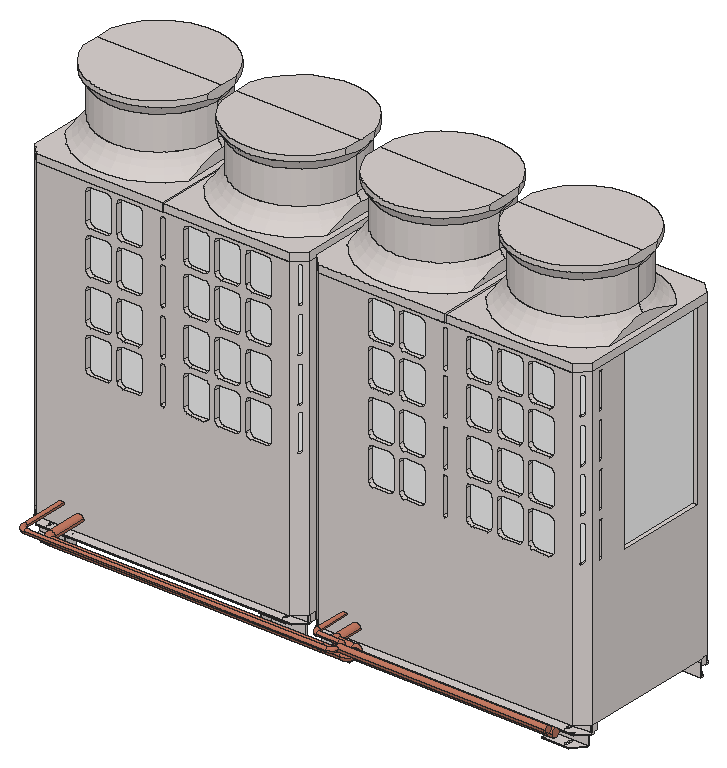
Revit family "PURY-EP750YSNW-A1", category 機械設備, Revit 2016
Family settings
  パーツ タイプ = 標準
  丸型コネクタ寸法 = 半径を使用
  OmniClass 番号 = 23.75.00.00
  OmniClass タイトル = Climate Control (HVAC)
  作業面に基づく = いいえ
  常に垂直 = はい
  ロード時にボイドで切り取り = いいえ
  共有 = いいえ
  部屋の計算ポイント = いいえ
Parameters (values of type "PURY-EP750YSNW-A1_415V_60Hz")
  WarrantyStart = ""
  Temp. range of cooling (Outdoor temp.) (D.B.) = "-5.0 to 52.0"
  Temp. range of cooling (Indoor temp.) (W.B.) = "15.0 to 24.0"
  TagNumber = 0
  SerialNumber = 0
  ReplacementYear = ""
  Outdoor unit 2 Breaker size (A) = 40
  Outdoor unit 1 Breaker size (A) = 60
  Note_1 = "Refrigerant pipe diameters may change depending on the installation condition. Please refer to the installation manual."
  モデル = "PURY-EP750YSNW-A1"
  Width = 2510.000 mm
  Voltage = 415 V
  Unit Weight (kg) = 551
  URL = "http://www.mitsubishielectric.com/"
  Temp. range of heating (Outdoor temp.) (W.B.) = "-20.0 to 15.5"
  Temp. range of heating (Indoor temp.) (D.B.) = "15.0 to 27.0"
  Subcategory = "HVAC"
  Space View = yes
  Sound Pressure Level (dB(A)) Heating mode = 70.5
  Sound Pressure Level (dB(A)) Cooling mode = 67
  Refrigerant type = "R410A"
  Refrigerant Charge (kg) = 16
  Protection Devices_Inverter circuit (COMP./FAN) = "Over-current protection"
  Protection Devices_High pressure (MPa) = "High pressure sensor, High pressure switch at 4.15"
  Phase = 3
  製造元 = "Mitsubishi Electric Corporation"
  Outdoor unit 2 = PURY-EP350YNW-A1 : PURY-EP350YNW-A1
  Outdoor unit 1 = PURY-EP400YNW-A1 : PURY-EP400YNW-A1
  Maximum Circuit Ampacity (A) = 55.1
  Low pressure pipe_radius = 17.465 mm
  InstallationDate = "0"
  Indoor Unit Total Capacity = "50 to 150% of outdoor unit capacity"
  Indoor Unit Model/Quantity = "P10 to P250/2 to 50"
  High pressure pipe_radius = 14.290 mm
  Hertz = 60 Hz
  Height = 1858.000 mm
  Heating SCOP (kW/kW) = 3.99
  Heating Rated Load Ampacity (A) = 39.1
  Heating Power Input (kW) = 25.33
  Heating Power Input (Nominal) (kW) = 21.19
  Heating Current Input (Nominal) (A) = 32.7
  Heating Current Input (A) = 39.1
  Heating Capacity (kW) = 95
  Heating Capacity (Nominal) (kW) = 85
  Heating COP (kW/kW) = 3.75
  Heating COP (Nominal) (kW/kW) = 4.01
  Fan_Type = "Propeller Fan"
  Fan_Quantity = 4
  Fan Motor Output (kW) = 1.84
  External static pressure (Pa) = 0
  External Finish = "Pre-coated galvanized steel sheets (+powder coating for -BS type) <MUNSELL 5Y 8/1 or similar>"
  Equip_description = "0"
  Equip_No. = 0
  Equip_ID = "0"
  Description = "0"
  Depth = 740.000 mm
  CreatedOn = "0"
  CreatedBy = "0"
  Cooling SEER (kW/kW) = 6.49
  Cooling Rated Load Ampacity (A) = 36.2
  Cooling Power Input (kW) = 23.48
  Cooling EER (kW/kW) = 3.62
  Cooling Current Input (A) = 36.2
  Cooling Capacity (kW) = 85
  Compressor_Type = "Inverter scroll hermetic compressor"
  Compressor_Quantity = 2
  Compressor_Lubricant = "MEL32"
  Compressor Motor Output (kW) = 19.5
  Category = "0"
  Barcode = "0"
  AssetIdentifier = "0"
  Airflow Rate (m3/min) = 565
  Airflow Rate (m3/h) = 33900
Reference planes
  plane 1 "Center (Front/Back)": y = 0
  plane 2: z = 0
  plane 3 "Center (Left/Right)": x = 0
  plane 4: y = 370
  plane 5 "front": y = -370
  plane 6: x = -1255
  plane 7: x = 1255
  plane 8: x = 15
  plane 9: x = -15
  plane 10: z = 1858
Forms (mm)
  Sweep 1, solid, material "Copper"
    path origin (1017.215, -4.248, 187) x (0, -1, 0) y (1, 0, 0)
      loop
        line (360, -2112.386) -> (570, -2112.386)
        arc (570, -2112.386) -> (591.213, -2103.6) -> (600, -2082.386) r 30
        line (600, -2082.386) -> (600, -725.507)
        arc (600, -725.507) -> (594.142, -711.365) -> (580, -705.507) r 20
        line (580, -705.507) -> (552.385, -705.507)
        arc (552.385, -705.507) -> (538.243, -711.365) -> (532.385, -725.507) r 20
        line (532.385, -725.507) -> (532.385, -821.501)
        arc (532.385, -821.501) -> (526.527, -835.643) -> (512.385, -841.501) r 20
        line (512.385, -841.501) -> (357.385, -841.501)
    profile origin (-1095.172, -469.248, 187) x (1, 0, 0) y (0, 0, 1)
      loop
        circle (0, 0) r 9.525
  Sweep 2, solid, material "Copper"
    path origin (1039.386, -4.248, 155) x (0, -1, 0) y (1, 0, 0)
      loop
        line (360, -2053) -> (525, -2053)
        arc (525, -2053) -> (546.213, -2044.213) -> (555, -2023) r 30
        line (555, -2023) -> (555, -800.253) -> (555, -715.253)
        arc (555, -715.253) -> (549.142, -701.111) -> (535, -695.253) r 20
        line (535, -695.253) -> (510, -695.253)
        arc (510, -695.253) -> (495.858, -701.111) -> (490, -715.253) r 20
        line (490, -715.253) -> (490, -786.253)
        arc (490, -786.253) -> (484.142, -800.395) -> (470, -806.253) r 20
        line (470, -806.253) -> (360, -806.253)
    profile origin (-1013.614, -446.748, 155) x (1, 0, 0) y (0, 0, 1)
      loop
        circle (0, 0) r 17.465
  Sweep 3, solid, material "Copper"
    path origin (934.386, -4.248, 187) x (0, -1, 0) y (1, 0, 0)
      loop
        line (565.96, -620) -> (565.96, 320.614)
    profile origin (784.693, -570.208, 187) x (0, 1, 0) y (0, 0, 1)
      loop
        circle (0, 0) r 14.29
  Sweep 4, solid, material "Copper"
    path origin (934.386, -4.248, 155.027) x (-1, 0, 0) y (0, -1, 0)
      loop
        line (585, 523.84) -> (-320, 523.84)
    profile origin (801.886, -528.088, 155.027) x (0, 1, 0) y (0, 0, 1)
      loop
        circle (0, 0) r 17.465
Dimensions and locks
  nested 1 to nested 1 = 1240.000 mm
  nested 1 to nested 2 to nested 2 = 30.000 mm, 1240.000 mm
  "High pressure pipe_radius": radius of Sweep 3 sketch curve
  "Low pressure pipe_radius": radius of Sweep 4 sketch curve
  aligned and locked: level to plane 2
Automatic sketch dimensions
  Sweep 1 sketch curve to plane 5 "front" = 8.366 mm
  Sweep 1 sketch curve to plane 5 "front" = 5.752 mm
  plane 5 "front" to Sweep 1 sketch curve = 146.634 mm
  Sweep 1 sketch curve to Sweep 1 sketch curve = 20.000 mm  (x2)
  plane 5 "front" to Sweep 1 sketch curve = 204.248 mm
  Sweep 1 sketch curve to Sweep 1 sketch curve = 27.615 mm
  Sweep 1 sketch curve to Sweep 1 sketch curve = 30.000 mm
  plane 6 to Sweep 1 sketch curve = 159.828 mm
  plane 3 "Center (Left/Right)" to Sweep 1 sketch curve = 175.714 mm
  Sweep 1 sketch curve to Sweep 1 sketch curve = 95.994 mm
  profile plane to Sweep 1 sketch curve = 0.000 mm
  Sweep 1 sketch curve to profile plane = 0.000 mm
  Sweep 2 sketch curve to plane 5 "front" = 5.752 mm  (x2)
  plane 5 "front" to Sweep 2 sketch curve = 104.248 mm
  Sweep 2 sketch curve to Sweep 2 sketch curve = 20.000 mm  (x3)
  plane 5 "front" to Sweep 2 sketch curve = 159.248 mm
  Sweep 2 sketch curve to Sweep 2 sketch curve = 25.000 mm
  plane 6 to Sweep 2 sketch curve = 241.386 mm
  plane 3 "Center (Left/Right)" to Sweep 2 sketch curve = 239.134 mm
  Sweep 2 sketch curve to Sweep 2 sketch curve = 6.000 mm
  Sweep 2 sketch curve to Sweep 2 sketch curve = 71.000 mm
  profile plane to Sweep 2 sketch curve = 0.000 mm
  Sweep 2 sketch curve to profile plane = 0.000 mm
  Sweep 3 sketch curve to plane 7 = 0.000 mm
  plane 5 "front" to Sweep 3 sketch curve = 200.208 mm
  plane 8 to Sweep 3 sketch curve = 299.386 mm
  Sweep 4 sketch curve to plane 7 = 0.614 mm
  plane 5 "front" to Sweep 4 sketch curve = 158.088 mm
  plane 8 to Sweep 4 sketch curve = 334.386 mm
  Sweep 3 sketch curve to profile plane = 0.000 mm  (x2)
  Sweep 4 sketch curve to profile plane = 0.000 mm  (x2)
  radius of Sweep 1 sketch curve = 9.525 mm
  radius of Sweep 2 sketch curve = 17.465 mm
Nested families
  nested 1: "PURY-EP400YNW-A1" at (-635, 0, 0), type <- "Outdoor unit 1", type "PURY-EP400YNW-A1"
  nested 2: "PURY-EP350YNW-A1" at (635, 0, 0), type <- "Outdoor unit 2", type "PURY-EP350YNW-A1"
Connectors
  piping at (1254.386, -528.088, 155.027), diameter 34.93, driven by "Low pressure pipe_radius"
    settings: on Sweep 4, index 1, connector inside diameter 34.93 mm, connector length 0.000 mm, flow factor 0, pipe flow 0.0 L/s, pressure drop 0.0 Pa, fitting loss kfactor 0, connector angle 0.00°, fixture units 0, engagement length 0.000 mm, angle of deflection 0.00°, flow configuration 0, flow direction 0, fitting loss method 0, system type 22, joint type 0, gender type 0, connector reference index -1, connector utility 0, adjustable connector no, is connector primary yes, connector description "BC controller-Twinning pipe(Low pressure)"
  piping at (1255, -570.208, 187), diameter 28.58, driven by "High pressure pipe_radius"
    settings: on Sweep 3, index 2, connector inside diameter 28.58 mm, connector length 0.000 mm, flow factor 0, pipe flow 0.0 L/s, pressure drop 0.0 Pa, fitting loss kfactor 0, connector angle 0.00°, fixture units 0, engagement length 0.000 mm, angle of deflection 0.00°, flow configuration 0, flow direction 0, fitting loss method 0, system type 22, joint type 0, gender type 0, connector reference index -1, connector utility 0, adjustable connector no, is connector primary no, connector description "BC controller-Twinning pipe(High pressure)"
  electrical at (319, -370, 280), driven by "Phase", driven by "Voltage"
    settings: index 4, voltage 415 V, apparent load 0 VA, apparent load phase1 0 VA, apparent load phase2 0 VA, apparent load phase3 0 VA, power factor 1, load classification "HVAC", number of poles 3, system type 30, power factor state 1, is connector primary yes, connector utility no, sub classification motor no, connector description ""
  electrical at (-633, -370, 280), driven by "Phase", driven by "Voltage"
    settings: index 5, voltage 415 V, apparent load 0 VA, apparent load phase1 0 VA, apparent load phase2 0 VA, apparent load phase3 0 VA, power factor 1, load classification "HVAC", number of poles 3, system type 30, power factor state 1, is connector primary no, connector utility no, sub classification motor no, connector description ""
Definition of nested family "PURY-EP400YNW-A1"
  Parameters
    Model = "PURY-P400YNW-A"
    URL = "http://www.mitsubishielectric.com/"
    Manufacturer = "Mitsubishi Electric Corporation"
    Liquid pipe_radius = 12.700 mm
    Gas pipe_radius = 14.290 mm
  Reference planes
    plane 1 "Center (Front/Back)": y = 0
    plane 2: z = 0
    plane 3 "Center (Left/Right)": x = 0
    plane 4: y = 370
    plane 5: z = 1858
    plane 6: y = -260
    plane 7: y = -204
    plane 8: y = -185
    plane 9: x = -620
    plane 10: x = 620
    plane 11: x = -620
    plane 12: z = 716
    plane 13: x = -524
    plane 14: z = 669
    plane 15: x = -50.5
    plane 16: x = 51
    plane 17: x = 489
    plane 18: x = 467
    plane 19 "132": x = 488
    plane 20 "100": z = 160
    plane 21: z = 185
    plane 22: x = 413
    plane 23: x = 364
    plane 24: z = 150
    plane 25: x = -287.25
    plane 26: x = -137.25
    plane 27: x = -272.25
    plane 28: y = -278
    plane 29: z = 1509
    plane 30: y = -370
    plane 31: x = -530
    plane 32: x = 530
    plane 33 "179": y = -191
  Forms (mm)
    Extrusion 1, solid
      sketch origin (-1, 0, 113) x (-1, 0, 0) y (0, -1, 0)
        loop
          line (569, -370) -> (619, -320) -> (619, 320) -> (569, 370) -> (-571, 370) -> (-621, 320) -> (-621, -320) -> (-571, -370) -> (569, -370)
      from -18 to 1408
    Extrusion 2, void
      sketch origin (524, -370, 113) x (1, 0, 0) y (0, 0, -1)
        loop
          arc (-60.8, -1393.5) -> (-42.557, -1385.943) -> (-35, -1367.7) r 25.8
          line (-35, -1367.7) -> (-35, -1248.5)
          arc (-35, -1248.5) -> (-42.557, -1230.257) -> (-60.8, -1222.7) r 25.8
          line (-60.8, -1222.7) -> (-126, -1222.7)
          arc (-126, -1222.7) -> (-144.243, -1230.257) -> (-151.8, -1248.5) r 25.8
          line (-151.8, -1248.5) -> (-151.8, -1367.7)
          arc (-151.8, -1367.7) -> (-144.243, -1385.943) -> (-126, -1393.5) r 25.8
          line (-126, -1393.5) -> (-60.8, -1393.5)
      from 0 to 20
    Extrusion 3, void
      sketch origin (524, -370, -81) x (1, 0, 0) y (0, 0, -1)
        loop
          arc (-60.8, -1393.5) -> (-42.557, -1385.943) -> (-35, -1367.7) r 25.8
          line (-35, -1367.7) -> (-35, -1248.5)
          arc (-35, -1248.5) -> (-42.557, -1230.257) -> (-60.8, -1222.7) r 25.8
          line (-60.8, -1222.7) -> (-126, -1222.7)
          arc (-126, -1222.7) -> (-144.243, -1230.257) -> (-151.8, -1248.5) r 25.8
          line (-151.8, -1248.5) -> (-151.8, -1367.7)
          arc (-151.8, -1367.7) -> (-144.243, -1385.943) -> (-126, -1393.5) r 25.8
          line (-126, -1393.5) -> (-60.8, -1393.5)
      from 0 to 20
    Extrusion 4, void
      sketch origin (524, -370, -287) x (1, 0, 0) y (0, 0, -1)
        loop
          arc (-60.8, -1393.5) -> (-42.557, -1385.943) -> (-35, -1367.7) r 25.8
          line (-35, -1367.7) -> (-35, -1248.5)
          arc (-35, -1248.5) -> (-42.557, -1230.257) -> (-60.8, -1222.7) r 25.8
          line (-60.8, -1222.7) -> (-126, -1222.7)
          arc (-126, -1222.7) -> (-144.243, -1230.257) -> (-151.8, -1248.5) r 25.8
          line (-151.8, -1248.5) -> (-151.8, -1367.7)
          arc (-151.8, -1367.7) -> (-144.243, -1385.943) -> (-126, -1393.5) r 25.8
          line (-126, -1393.5) -> (-60.8, -1393.5)
      from 0 to 20
    Extrusion 5, void
      sketch origin (524, -370, -481) x (1, 0, 0) y (0, 0, -1)
        loop
          arc (-60.8, -1393.5) -> (-42.557, -1385.943) -> (-35, -1367.7) r 25.8
          line (-35, -1367.7) -> (-35, -1248.5)
          arc (-35, -1248.5) -> (-42.557, -1230.257) -> (-60.8, -1222.7) r 25.8
          line (-60.8, -1222.7) -> (-126, -1222.7)
          arc (-126, -1222.7) -> (-144.243, -1230.257) -> (-151.8, -1248.5) r 25.8
          line (-151.8, -1248.5) -> (-151.8, -1367.7)
          arc (-151.8, -1367.7) -> (-144.243, -1385.943) -> (-126, -1393.5) r 25.8
          line (-126, -1393.5) -> (-60.8, -1393.5)
      from 0 to 20
    Extrusion 6, void
      sketch origin (384, -370, 113) x (1, 0, 0) y (0, 0, -1)
        loop
          arc (-60.8, -1393.5) -> (-42.557, -1385.943) -> (-35, -1367.7) r 25.8
          line (-35, -1367.7) -> (-35, -1248.5)
          arc (-35, -1248.5) -> (-42.557, -1230.257) -> (-60.8, -1222.7) r 25.8
          line (-60.8, -1222.7) -> (-126, -1222.7)
          arc (-126, -1222.7) -> (-144.243, -1230.257) -> (-151.8, -1248.5) r 25.8
          line (-151.8, -1248.5) -> (-151.8, -1367.7)
          arc (-151.8, -1367.7) -> (-144.243, -1385.943) -> (-126, -1393.5) r 25.8
          line (-126, -1393.5) -> (-60.8, -1393.5)
      from 0 to 20
    Extrusion 7, void
      sketch origin (384, -370, -81) x (1, 0, 0) y (0, 0, -1)
        loop
          arc (-60.8, -1393.5) -> (-42.557, -1385.943) -> (-35, -1367.7) r 25.8
          line (-35, -1367.7) -> (-35, -1248.5)
          arc (-35, -1248.5) -> (-42.557, -1230.257) -> (-60.8, -1222.7) r 25.8
          line (-60.8, -1222.7) -> (-126, -1222.7)
          arc (-126, -1222.7) -> (-144.243, -1230.257) -> (-151.8, -1248.5) r 25.8
          line (-151.8, -1248.5) -> (-151.8, -1367.7)
          arc (-151.8, -1367.7) -> (-144.243, -1385.943) -> (-126, -1393.5) r 25.8
          line (-126, -1393.5) -> (-60.8, -1393.5)
      from 0 to 20
    Extrusion 8, void
      sketch origin (384, -370, -287) x (1, 0, 0) y (0, 0, -1)
        loop
          arc (-60.8, -1393.5) -> (-42.557, -1385.943) -> (-35, -1367.7) r 25.8
          line (-35, -1367.7) -> (-35, -1248.5)
          arc (-35, -1248.5) -> (-42.557, -1230.257) -> (-60.8, -1222.7) r 25.8
          line (-60.8, -1222.7) -> (-126, -1222.7)
          arc (-126, -1222.7) -> (-144.243, -1230.257) -> (-151.8, -1248.5) r 25.8
          line (-151.8, -1248.5) -> (-151.8, -1367.7)
          arc (-151.8, -1367.7) -> (-144.243, -1385.943) -> (-126, -1393.5) r 25.8
          line (-126, -1393.5) -> (-60.8, -1393.5)
      from 0 to 20
    Extrusion 9, void
      sketch origin (384, -370, -481) x (1, 0, 0) y (0, 0, -1)
        loop
          arc (-60.8, -1393.5) -> (-42.557, -1385.943) -> (-35, -1367.7) r 25.8
          line (-35, -1367.7) -> (-35, -1248.5)
          arc (-35, -1248.5) -> (-42.557, -1230.257) -> (-60.8, -1222.7) r 25.8
          line (-60.8, -1222.7) -> (-126, -1222.7)
          arc (-126, -1222.7) -> (-144.243, -1230.257) -> (-151.8, -1248.5) r 25.8
          line (-151.8, -1248.5) -> (-151.8, -1367.7)
          arc (-151.8, -1367.7) -> (-144.243, -1385.943) -> (-126, -1393.5) r 25.8
          line (-126, -1393.5) -> (-60.8, -1393.5)
      from 0 to 20
    Extrusion 10, void
      sketch origin (244, -370, 113) x (1, 0, 0) y (0, 0, -1)
        loop
          arc (-60.8, -1393.5) -> (-42.557, -1385.943) -> (-35, -1367.7) r 25.8
          line (-35, -1367.7) -> (-35, -1248.5)
          arc (-35, -1248.5) -> (-42.557, -1230.257) -> (-60.8, -1222.7) r 25.8
          line (-60.8, -1222.7) -> (-126, -1222.7)
          arc (-126, -1222.7) -> (-144.243, -1230.257) -> (-151.8, -1248.5) r 25.8
          line (-151.8, -1248.5) -> (-151.8, -1367.7)
          arc (-151.8, -1367.7) -> (-144.243, -1385.943) -> (-126, -1393.5) r 25.8
          line (-126, -1393.5) -> (-60.8, -1393.5)
      from 0 to 20
    Extrusion 11, void
      sketch origin (244, -370, -81) x (1, 0, 0) y (0, 0, -1)
        loop
          arc (-60.8, -1393.5) -> (-42.557, -1385.943) -> (-35, -1367.7) r 25.8
          line (-35, -1367.7) -> (-35, -1248.5)
          arc (-35, -1248.5) -> (-42.557, -1230.257) -> (-60.8, -1222.7) r 25.8
          line (-60.8, -1222.7) -> (-126, -1222.7)
          arc (-126, -1222.7) -> (-144.243, -1230.257) -> (-151.8, -1248.5) r 25.8
          line (-151.8, -1248.5) -> (-151.8, -1367.7)
          arc (-151.8, -1367.7) -> (-144.243, -1385.943) -> (-126, -1393.5) r 25.8
          line (-126, -1393.5) -> (-60.8, -1393.5)
      from 0 to 20
    Extrusion 12, void
      sketch origin (244, -370, -287) x (1, 0, 0) y (0, 0, -1)
        loop
          arc (-60.8, -1393.5) -> (-42.557, -1385.943) -> (-35, -1367.7) r 25.8
          line (-35, -1367.7) -> (-35, -1248.5)
          arc (-35, -1248.5) -> (-42.557, -1230.257) -> (-60.8, -1222.7) r 25.8
          line (-60.8, -1222.7) -> (-126, -1222.7)
          arc (-126, -1222.7) -> (-144.243, -1230.257) -> (-151.8, -1248.5) r 25.8
          line (-151.8, -1248.5) -> (-151.8, -1367.7)
          arc (-151.8, -1367.7) -> (-144.243, -1385.943) -> (-126, -1393.5) r 25.8
          line (-126, -1393.5) -> (-60.8, -1393.5)
      from 0 to 20
    Extrusion 13, void
      sketch origin (244, -370, -481) x (1, 0, 0) y (0, 0, -1)
        loop
          arc (-60.8, -1393.5) -> (-42.557, -1385.943) -> (-35, -1367.7) r 25.8
          line (-35, -1367.7) -> (-35, -1248.5)
          arc (-35, -1248.5) -> (-42.557, -1230.257) -> (-60.8, -1222.7) r 25.8
          line (-60.8, -1222.7) -> (-126, -1222.7)
          arc (-126, -1222.7) -> (-144.243, -1230.257) -> (-151.8, -1248.5) r 25.8
          line (-151.8, -1248.5) -> (-151.8, -1367.7)
          arc (-151.8, -1367.7) -> (-144.243, -1385.943) -> (-126, -1393.5) r 25.8
          line (-126, -1393.5) -> (-60.8, -1393.5)
      from 0 to 20
    Extrusion 14, void
      sketch origin (-56, -370, 113) x (1, 0, 0) y (0, 0, -1)
        loop
          arc (-60.8, -1393.5) -> (-42.557, -1385.943) -> (-35, -1367.7) r 25.8
          line (-35, -1367.7) -> (-35, -1248.5)
          arc (-35, -1248.5) -> (-42.557, -1230.257) -> (-60.8, -1222.7) r 25.8
          line (-60.8, -1222.7) -> (-126, -1222.7)
          arc (-126, -1222.7) -> (-144.243, -1230.257) -> (-151.8, -1248.5) r 25.8
          line (-151.8, -1248.5) -> (-151.8, -1367.7)
          arc (-151.8, -1367.7) -> (-144.243, -1385.943) -> (-126, -1393.5) r 25.8
          line (-126, -1393.5) -> (-60.8, -1393.5)
      from 0 to 20
    Extrusion 15, void
      sketch origin (-56, -370, -81) x (1, 0, 0) y (0, 0, -1)
        loop
          arc (-60.8, -1393.5) -> (-42.557, -1385.943) -> (-35, -1367.7) r 25.8
          line (-35, -1367.7) -> (-35, -1248.5)
          arc (-35, -1248.5) -> (-42.557, -1230.257) -> (-60.8, -1222.7) r 25.8
          line (-60.8, -1222.7) -> (-126, -1222.7)
          arc (-126, -1222.7) -> (-144.243, -1230.257) -> (-151.8, -1248.5) r 25.8
          line (-151.8, -1248.5) -> (-151.8, -1367.7)
          arc (-151.8, -1367.7) -> (-144.243, -1385.943) -> (-126, -1393.5) r 25.8
          line (-126, -1393.5) -> (-60.8, -1393.5)
      from 0 to 20
    Extrusion 16, void
      sketch origin (-56, -370, -287) x (1, 0, 0) y (0, 0, -1)
        loop
          arc (-60.8, -1393.5) -> (-42.557, -1385.943) -> (-35, -1367.7) r 25.8
          line (-35, -1367.7) -> (-35, -1248.5)
          arc (-35, -1248.5) -> (-42.557, -1230.257) -> (-60.8, -1222.7) r 25.8
          line (-60.8, -1222.7) -> (-126, -1222.7)
          arc (-126, -1222.7) -> (-144.243, -1230.257) -> (-151.8, -1248.5) r 25.8
          line (-151.8, -1248.5) -> (-151.8, -1367.7)
          arc (-151.8, -1367.7) -> (-144.243, -1385.943) -> (-126, -1393.5) r 25.8
          line (-126, -1393.5) -> (-60.8, -1393.5)
      from 0 to 20
    Extrusion 17, void
      sketch origin (-56, -370, -481) x (1, 0, 0) y (0, 0, -1)
        loop
          arc (-60.8, -1393.5) -> (-42.557, -1385.943) -> (-35, -1367.7) r 25.8
          line (-35, -1367.7) -> (-35, -1248.5)
          arc (-35, -1248.5) -> (-42.557, -1230.257) -> (-60.8, -1222.7) r 25.8
          line (-60.8, -1222.7) -> (-126, -1222.7)
          arc (-126, -1222.7) -> (-144.243, -1230.257) -> (-151.8, -1248.5) r 25.8
          line (-151.8, -1248.5) -> (-151.8, -1367.7)
          arc (-151.8, -1367.7) -> (-144.243, -1385.943) -> (-126, -1393.5) r 25.8
          line (-126, -1393.5) -> (-60.8, -1393.5)
      from 0 to 20
    Extrusion 18, void
      sketch origin (-196, -370, 113) x (1, 0, 0) y (0, 0, -1)
        loop
          arc (-60.8, -1393.5) -> (-42.557, -1385.943) -> (-35, -1367.7) r 25.8
          line (-35, -1367.7) -> (-35, -1248.5)
          arc (-35, -1248.5) -> (-42.557, -1230.257) -> (-60.8, -1222.7) r 25.8
          line (-60.8, -1222.7) -> (-126, -1222.7)
          arc (-126, -1222.7) -> (-144.243, -1230.257) -> (-151.8, -1248.5) r 25.8
          line (-151.8, -1248.5) -> (-151.8, -1367.7)
          arc (-151.8, -1367.7) -> (-144.243, -1385.943) -> (-126, -1393.5) r 25.8
          line (-126, -1393.5) -> (-60.8, -1393.5)
      from 0 to 20
    Extrusion 19, void
      sketch origin (-196, -370, -81) x (1, 0, 0) y (0, 0, -1)
        loop
          arc (-60.8, -1393.5) -> (-42.557, -1385.943) -> (-35, -1367.7) r 25.8
          line (-35, -1367.7) -> (-35, -1248.5)
          arc (-35, -1248.5) -> (-42.557, -1230.257) -> (-60.8, -1222.7) r 25.8
          line (-60.8, -1222.7) -> (-126, -1222.7)
          arc (-126, -1222.7) -> (-144.243, -1230.257) -> (-151.8, -1248.5) r 25.8
          line (-151.8, -1248.5) -> (-151.8, -1367.7)
          arc (-151.8, -1367.7) -> (-144.243, -1385.943) -> (-126, -1393.5) r 25.8
          line (-126, -1393.5) -> (-60.8, -1393.5)
      from 0 to 20
    Extrusion 20, void
      sketch origin (-196, -370, -287) x (1, 0, 0) y (0, 0, -1)
        loop
          arc (-60.8, -1393.5) -> (-42.557, -1385.943) -> (-35, -1367.7) r 25.8
          line (-35, -1367.7) -> (-35, -1248.5)
          arc (-35, -1248.5) -> (-42.557, -1230.257) -> (-60.8, -1222.7) r 25.8
          line (-60.8, -1222.7) -> (-126, -1222.7)
          arc (-126, -1222.7) -> (-144.243, -1230.257) -> (-151.8, -1248.5) r 25.8
          line (-151.8, -1248.5) -> (-151.8, -1367.7)
          arc (-151.8, -1367.7) -> (-144.243, -1385.943) -> (-126, -1393.5) r 25.8
          line (-126, -1393.5) -> (-60.8, -1393.5)
      from 0 to 20
    Extrusion 21, void
      sketch origin (-196, -370, -481) x (1, 0, 0) y (0, 0, -1)
        loop
          arc (-60.8, -1393.5) -> (-42.557, -1385.943) -> (-35, -1367.7) r 25.8
          line (-35, -1367.7) -> (-35, -1248.5)
          arc (-35, -1248.5) -> (-42.557, -1230.257) -> (-60.8, -1222.7) r 25.8
          line (-60.8, -1222.7) -> (-126, -1222.7)
          arc (-126, -1222.7) -> (-144.243, -1230.257) -> (-151.8, -1248.5) r 25.8
          line (-151.8, -1248.5) -> (-151.8, -1367.7)
          arc (-151.8, -1367.7) -> (-144.243, -1385.943) -> (-126, -1393.5) r 25.8
          line (-126, -1393.5) -> (-60.8, -1393.5)
      from 0 to 20
    Extrusion 22, void
      sketch origin (620, 320, 113) x (0, 1, 0) y (0, 0, -1)
        loop
          line (-462.3, -1408) -> (-50.8, -1408) -> (-50.8, -612) -> (-462.3, -612) -> (-462.3, -1408)
      from 0 to 20
    Extrusion 23, void
      sketch origin (-620, -320, 113) x (0, -1, 0) y (0, 0, -1)
        loop
          line (-535.7, -1408) -> (-207.7, -1408) -> (-207.7, -592) -> (-535.7, -592) -> (-535.7, -1408)
      from 0 to 20
    Extrusion 24, void
      sketch origin (194.892, 370, 113) x (-1, 0, 0) y (0, 0, -1)
        loop
          arc (204.892, -1225.013) -> (194.892, -1215.013) -> (184.892, -1225.013) r 10
          line (184.892, -1225.013) -> (184.892, -1379.987)
          arc (184.892, -1379.987) -> (194.892, -1389.987) -> (204.892, -1379.987) r 10
          line (204.892, -1379.987) -> (204.892, -1225.013)
        loop
          arc (204.892, -1031.013) -> (194.892, -1021.013) -> (184.892, -1031.013) r 10
          line (184.892, -1031.013) -> (184.892, -1185.987)
          arc (184.892, -1185.987) -> (194.892, -1195.987) -> (204.892, -1185.987) r 10
          line (204.892, -1185.987) -> (204.892, -1031.013)
        loop
          arc (204.892, -825.013) -> (194.892, -815.013) -> (184.892, -825.013) r 10
          line (184.892, -825.013) -> (184.892, -979.987)
          arc (184.892, -979.987) -> (194.892, -989.987) -> (204.892, -979.987) r 10
          line (204.892, -979.987) -> (204.892, -825.013)
        loop
          arc (204.892, -631.013) -> (194.892, -621.013) -> (184.892, -631.013) r 10
          line (184.892, -631.013) -> (184.892, -785.987)
          arc (184.892, -785.987) -> (194.892, -795.987) -> (204.892, -785.987) r 10
          line (204.892, -785.987) -> (204.892, -631.013)
      from 0 to 20
    Extrusion 25, void
      sketch origin (-570, 370, 113) x (0.707107, 0.707107, 0) y (0, 0, 1)
        loop
          arc (-45.355, 1236) -> (-35.355, 1226) -> (-25.355, 1236) r 10
          line (-25.355, 1236) -> (-25.355, 1386)
          arc (-25.355, 1386) -> (-35.355, 1396) -> (-45.355, 1386) r 10
          line (-45.355, 1386) -> (-45.355, 1236)
        loop
          arc (-45.355, 1036) -> (-35.355, 1026) -> (-25.355, 1036) r 10
          line (-25.355, 1036) -> (-25.355, 1186)
          arc (-25.355, 1186) -> (-35.355, 1196) -> (-45.355, 1186) r 10
          line (-45.355, 1186) -> (-45.355, 1036)
        loop
          arc (-45.355, 836) -> (-35.355, 826) -> (-25.355, 836) r 10
          line (-25.355, 836) -> (-25.355, 986)
          arc (-25.355, 986) -> (-35.355, 996) -> (-45.355, 986) r 10
          line (-45.355, 986) -> (-45.355, 836)
        loop
          arc (-45.355, 641) -> (-35.355, 631) -> (-25.355, 641) r 10
          line (-25.355, 641) -> (-25.355, 791)
          arc (-25.355, 791) -> (-35.355, 801) -> (-45.355, 791) r 10
          line (-45.355, 791) -> (-45.355, 641)
      from 0 to 20
    Extrusion 26, void
      sketch origin (-620, -320, 113) x (0, -1, 0) y (0, 0, -1)
        loop
          line (-607.846, -1035.895) -> (-607.846, -1186.105)
          arc (-607.846, -1186.105) -> (-597.846, -1196.105) -> (-587.846, -1186.105) r 10
          line (-587.846, -1186.105) -> (-587.846, -1035.895)
          arc (-587.846, -1035.895) -> (-597.846, -1025.895) -> (-607.846, -1035.895) r 10
        loop
          line (-607.846, -835.895) -> (-607.846, -986.105)
          arc (-607.846, -986.105) -> (-597.846, -996.105) -> (-587.846, -986.105) r 10
          line (-587.846, -986.105) -> (-587.846, -835.895)
          arc (-587.846, -835.895) -> (-597.846, -825.895) -> (-607.846, -835.895) r 10
        loop
          line (-607.846, -1235.895) -> (-607.846, -1386.105)
          arc (-607.846, -1386.105) -> (-597.846, -1396.105) -> (-587.846, -1386.105) r 10
          line (-587.846, -1386.105) -> (-587.846, -1235.895)
          arc (-587.846, -1235.895) -> (-597.846, -1225.895) -> (-607.846, -1235.895) r 10
        loop
          line (-607.846, -635.895) -> (-607.846, -786.105)
          arc (-607.846, -786.105) -> (-597.846, -796.105) -> (-587.846, -786.105) r 10
          line (-587.846, -786.105) -> (-587.846, -635.895)
          arc (-587.846, -635.895) -> (-597.846, -625.895) -> (-607.846, -635.895) r 10
      from 0 to 20
    Extrusion 27, void
      sketch origin (1079, -370, 113) x (1, 0, 0) y (0, 0, -1)
        loop
          arc (-1089, -1379.975) -> (-1079, -1389.975) -> (-1069, -1379.975) r 10
          line (-1069, -1379.975) -> (-1069, -1225)
          arc (-1069, -1225) -> (-1079, -1215) -> (-1089, -1225) r 10
          line (-1089, -1225) -> (-1089, -1379.975)
        loop
          arc (-1089, -1185.975) -> (-1079, -1195.975) -> (-1069, -1185.975) r 10
          line (-1069, -1185.975) -> (-1069, -1031)
          arc (-1069, -1031) -> (-1079, -1021) -> (-1089, -1031) r 10
          line (-1089, -1031) -> (-1089, -1185.975)
        loop
          arc (-1089, -979.975) -> (-1079, -989.975) -> (-1069, -979.975) r 10
          line (-1069, -979.975) -> (-1069, -825)
          arc (-1069, -825) -> (-1079, -815) -> (-1089, -825) r 10
          line (-1089, -825) -> (-1089, -979.975)
        loop
          arc (-1089, -785.975) -> (-1079, -795.975) -> (-1069, -785.975) r 10
          line (-1069, -785.975) -> (-1069, -631)
          arc (-1069, -631) -> (-1079, -621) -> (-1089, -631) r 10
          line (-1089, -631) -> (-1089, -785.975)
      from 0 to 20
    Extrusion 28, void
      sketch origin (-571, 370, 113) x (-1, 0, 0) y (0, 0, -1)
        loop
          line (-519.5, -1408) -> (-48, -1408) -> (-48, -556) -> (-519.5, -556) -> (-519.5, -1408)
      from 0 to 20
    Extrusion 29, void
      sketch origin (-571, 370, 113) x (-1, 0, 0) y (0, 0, -1)
        loop
          line (-1038, -1408) -> (-622, -1408) -> (-622, -556) -> (-1038, -556) -> (-1038, -1408)
      from 0 to 20
    Extrusion 30, void
      sketch origin (620, 320, 113) x (0, 1, 0) y (0, 0, -1)
        loop
          arc (-588, -1035.791) -> (-598, -1025.791) -> (-608, -1035.791) r 10
          line (-608, -1035.791) -> (-608, -1186)
          arc (-608, -1186) -> (-598, -1196) -> (-588, -1186) r 10
          line (-588, -1186) -> (-588, -1035.791)
        loop
          arc (-588, -835.791) -> (-598, -825.791) -> (-608, -835.791) r 10
          line (-608, -835.791) -> (-608, -986)
          arc (-608, -986) -> (-598, -996) -> (-588, -986) r 10
          line (-588, -986) -> (-588, -835.791)
        loop
          arc (-588, -1235.791) -> (-598, -1225.791) -> (-608, -1235.791) r 10
          line (-608, -1235.791) -> (-608, -1386)
          arc (-608, -1386) -> (-598, -1396) -> (-588, -1386) r 10
          line (-588, -1386) -> (-588, -1235.791)
        loop
          arc (-588, -635.791) -> (-598, -625.791) -> (-608, -635.791) r 10
          line (-608, -635.791) -> (-608, -786)
          arc (-608, -786) -> (-598, -796) -> (-588, -786) r 10
          line (-588, -786) -> (-588, -635.791)
      from 0 to 20
    Extrusion 31, void
      sketch origin (1291.751, 351.751, 113) x (0.707107, 0.707107, 0) y (0, 0, -1)
        loop
          line (-995.311, -1236) -> (-995.311, -1386)
          arc (-995.311, -1386) -> (-985.311, -1396) -> (-975.311, -1386) r 10
          line (-975.311, -1386) -> (-975.311, -1236)
          arc (-975.311, -1236) -> (-985.311, -1226) -> (-995.311, -1236) r 10
        loop
          line (-995.311, -1036) -> (-995.311, -1186)
          arc (-995.311, -1186) -> (-985.311, -1196) -> (-975.311, -1186) r 10
          line (-975.311, -1186) -> (-975.311, -1036)
          arc (-975.311, -1036) -> (-985.311, -1026) -> (-995.311, -1036) r 10
        loop
          line (-995.311, -836) -> (-995.311, -986)
          arc (-995.311, -986) -> (-985.311, -996) -> (-975.311, -986) r 10
          line (-975.311, -986) -> (-975.311, -836)
          arc (-975.311, -836) -> (-985.311, -826) -> (-995.311, -836) r 10
        loop
          line (-995.311, -641) -> (-995.311, -791)
          arc (-995.311, -791) -> (-985.311, -801) -> (-975.311, -791) r 10
          line (-975.311, -791) -> (-975.311, -641)
          arc (-975.311, -641) -> (-985.311, -631) -> (-995.311, -641) r 10
      from 0 to 20
    Extrusion 32, void
      sketch origin (0, -191, 0) x (-1, 0, 0) y (0, 0, 1)
        loop
          circle (460, 176) r 6.35
      from 0 to 78.7
    Extrusion 33, void
      sketch origin (0, -191, 0) x (-1, 0, 0) y (0, 0, 1)
        loop
          circle (377, 176) r 14.29
      from 0 to 78.7
  Cuts and joins
    Extrusion 2, Extrusion 3, Extrusion 4, Extrusion 5, Extrusion 6, Extrusion 7, Extrusion 8, Extrusion 9, Extrusion 10, Extrusion 11, Extrusion 12, Extrusion 13, Extrusion 14, Extrusion 15, Extrusion 16, Extrusion 17, Extrusion 18, Extrusion 19, Extrusion 20, Extrusion 21, Extrusion 22, Extrusion 23, Extrusion 24, Extrusion 25, Extrusion 26, Extrusion 27, Extrusion 28, Extrusion 29, Extrusion 30, Extrusion 31, Extrusion 32, Extrusion 33 cuts Extrusion 1
  Lines and regions (mm)
    model lines
      curve 1: line (-351, -291, 95) -> (-481, -291, 95)
      curve 2: line (-342, -206, 95) -> (-342, -282, 95)
      curve 3: line (-481, -197, 95) -> (-351, -197, 95)
      curve 4: line (-492, -280, 95) -> (-492, -208, 95)
      curve 5: arc (-492, -280, 95) -> (-488.778, -287.778, 95) -> (-481, -291, 95) r 11
      curve 6: arc (-351, -291, 95) -> (-344.636, -288.364, 95) -> (-342, -282, 95) r 9
      curve 7: arc (-342, -206, 95) -> (-344.636, -199.636, 95) -> (-351, -197, 95) r 9
      curve 8: arc (-481, -197, 95) -> (-488.778, -200.222, 95) -> (-492, -208, 95) r 11
      curve 9: line (-30, -370, 1521) -> (-30, -370, 95)
      curve 10: line (30, -370, 1521) -> (30, -370, 95)
      curve 11: line (-485, -370, 215) -> (-357, -370, 215)
      curve 12: line (-495, -370, 141) -> (-495, -370, 205)
      curve 13: line (-357, -370, 131) -> (-485, -370, 131)
      curve 14: line (-347, -370, 205) -> (-347, -370, 141)
      curve 15: arc (-485, -370, 215) -> (-492.071, -370, 212.071) -> (-495, -370, 205) r 10
      curve 16: arc (-495, -370, 141) -> (-492.071, -370, 133.929) -> (-485, -370, 131) r 10
      curve 17: arc (-357, -370, 131) -> (-349.929, -370, 133.929) -> (-347, -370, 141) r 10
      curve 18: arc (-347, -370, 205) -> (-349.929, -370, 212.071) -> (-357, -370, 215) r 10
      curve 19: line (-405, -370, 1521) -> (-405, -370, 716)
      curve 20: line (620, -162.3, 1521) -> (620, -162.3, 95)
      curve 21: line (620, 289.2, 1521) -> (620, 289.2, 95)
      curve 22: line (620, -162.3, 705) -> (620, 289.2, 705)
      curve 23: line (620, -162.3, 725) -> (620, 289.2, 725)
      curve 24: line (620, -76.8, 583) -> (620, 203.2, 583)
      curve 25: line (620, 203.2, 563) -> (620, -76.8, 563)
      curve 26: arc (620, -76.8, 583) -> (620, -83.871, 580.071) -> (620, -86.8, 573) r 10
      curve 27: arc (620, -76.8, 563) -> (620, -83.871, 565.929) -> (620, -86.8, 573) r 10
      curve 28: arc (620, 203.2, 583) -> (620, 210.271, 580.071) -> (620, 213.2, 573) r 10
      curve 29: arc (620, 203.2, 563) -> (620, 210.271, 565.929) -> (620, 213.2, 573) r 10
      curve 30: line (620, -76.8, 478) -> (620, 203.2, 478)
      curve 31: line (620, 203.2, 458) -> (620, -76.8, 458)
      curve 32: arc (620, -76.8, 478) -> (620, -83.871, 475.071) -> (620, -86.8, 468) r 10
      curve 33: arc (620, -76.8, 458) -> (620, -83.871, 460.929) -> (620, -86.8, 468) r 10
      curve 34: arc (620, 203.2, 478) -> (620, 210.271, 475.071) -> (620, 213.2, 468) r 10
      curve 35: arc (620, 203.2, 458) -> (620, 210.271, 460.929) -> (620, 213.2, 468) r 10
      curve 36: line (620, -76.8, 373) -> (620, 203.2, 373)
      curve 37: line (620, 203.2, 353) -> (620, -76.8, 353)
      curve 38: arc (620, -76.8, 373) -> (620, -83.871, 370.071) -> (620, -86.8, 363) r 10
      curve 39: arc (620, -76.8, 353) -> (620, -83.871, 355.929) -> (620, -86.8, 363) r 10
      curve 40: arc (620, 203.2, 373) -> (620, 210.271, 370.071) -> (620, 213.2, 363) r 10
      curve 41: arc (620, 203.2, 353) -> (620, 210.271, 355.929) -> (620, 213.2, 363) r 10
      curve 42: line (620, -76.8, 268) -> (620, 203.2, 268)
      curve 43: line (620, 203.2, 248) -> (620, -76.8, 248)
      curve 44: arc (620, -76.8, 268) -> (620, -83.871, 265.071) -> (620, -86.8, 258) r 10
      curve 45: arc (620, -76.8, 248) -> (620, -83.871, 250.929) -> (620, -86.8, 258) r 10
      curve 46: arc (620, 203.2, 268) -> (620, 210.271, 265.071) -> (620, 213.2, 258) r 10
      curve 47: arc (620, 203.2, 248) -> (620, 210.271, 250.929) -> (620, 213.2, 258) r 10
      curve 48: line (-620, -162.3, 1521) -> (-620, -162.3, 95)
      curve 49: line (-620, 235.7, 1521) -> (-620, 235.7, 95)
      curve 50: line (-620, -112.3, 1521) -> (-620, -112.3, 705)
      curve 51: line (-620, 215.7, 1521) -> (-620, 215.7, 705)
      curve 52: line (-620, 235.7, 705) -> (-620, -162.3, 705)
      curve 53: line (-620, 176.7, 268) -> (-620, -103.3, 268)
      curve 54: line (-620, -103.3, 248) -> (-620, 176.7, 248)
      curve 55: arc (-620, 186.7, 258) -> (-620, 183.771, 265.071) -> (-620, 176.7, 268) r 10
      curve 56: arc (-620, 176.7, 248) -> (-620, 183.771, 250.929) -> (-620, 186.7, 258) r 10
      curve 57: arc (-620, -103.3, 268) -> (-620, -110.371, 265.071) -> (-620, -113.3, 258) r 10
      curve 58: arc (-620, -113.3, 258) -> (-620, -110.371, 250.929) -> (-620, -103.3, 248) r 10
      curve 59: line (-620, 176.7, 373) -> (-620, -103.3, 373)
      curve 60: line (-620, -103.3, 353) -> (-620, 176.7, 353)
      curve 61: arc (-620, 186.7, 363) -> (-620, 183.771, 370.071) -> (-620, 176.7, 373) r 10
      curve 62: arc (-620, 176.7, 353) -> (-620, 183.771, 355.929) -> (-620, 186.7, 363) r 10
      curve 63: arc (-620, -103.3, 373) -> (-620, -110.371, 370.071) -> (-620, -113.3, 363) r 10
      curve 64: arc (-620, -113.3, 363) -> (-620, -110.371, 355.929) -> (-620, -103.3, 353) r 10
      curve 65: line (-620, 176.7, 478) -> (-620, -103.3, 478)
      curve 66: line (-620, -103.3, 458) -> (-620, 176.7, 458)
      curve 67: arc (-620, 186.7, 468) -> (-620, 183.771, 475.071) -> (-620, 176.7, 478) r 10
      curve 68: arc (-620, 176.7, 458) -> (-620, 183.771, 460.929) -> (-620, 186.7, 468) r 10
      curve 69: arc (-620, -103.3, 478) -> (-620, -110.371, 475.071) -> (-620, -113.3, 468) r 10
      curve 70: arc (-620, -113.3, 468) -> (-620, -110.371, 460.929) -> (-620, -103.3, 458) r 10
      curve 71: line (-620, 176.7, 583) -> (-620, -103.3, 583)
      curve 72: line (-620, -103.3, 563) -> (-620, 176.7, 563)
      curve 73: arc (-620, 186.7, 573) -> (-620, 183.771, 580.071) -> (-620, 176.7, 583) r 10
      curve 74: arc (-620, 176.7, 563) -> (-620, 183.771, 565.929) -> (-620, 186.7, 573) r 10
      curve 75: arc (-620, -103.3, 583) -> (-620, -110.371, 580.071) -> (-620, -113.3, 573) r 10
      curve 76: arc (-620, -113.3, 573) -> (-620, -110.371, 565.929) -> (-620, -103.3, 563) r 10
      curve 77: line (-544, 370, 1521) -> (-544, 370, 95)
      curve 78: line (489, 370, 649) -> (30, 370, 649)
      curve 79: line (-30.5, 370, 649) -> (-544, 370, 649)
      curve 80: line (-147.25, 370, 584) -> (-427.25, 370, 584)
      curve 81: line (-427.25, 370, 564) -> (-147.25, 370, 564)
      curve 82: arc (-137.25, 370, 574) -> (-140.179, 370, 581.071) -> (-147.25, 370, 584) r 10
      curve 83: arc (-147.25, 370, 564) -> (-140.179, 370, 566.929) -> (-137.25, 370, 574) r 10
      curve 84: arc (-427.25, 370, 584) -> (-434.321, 370, 581.071) -> (-437.25, 370, 574) r 10
      curve 85: arc (-437.25, 370, 574) -> (-434.321, 370, 566.929) -> (-427.25, 370, 564) r 10
      curve 86: circle (448, -185, 1521) r 15 normal (0, 0, 1)
      curve 87: circle (468, -185, 95) r 26 normal (0, 0, 1)
      curve 88: circle (448, -260, 95) r 32.5 normal (0, 0, 1)
      curve 89: circle (404, -204, 95) r 17 normal (0, 0, 1)
      curve 90: line (-550, -370, 1521) -> (-550, -370, 95)
      curve 91: line (-550, -370, 716) -> (-30, -370, 716)
      curve 92: line (550, -370, 95) -> (550, -370, 1521)
      curve 93: line (30, -370, 716) -> (550, -370, 716)
      curve 94: line (-30.5, 370, 1521) -> (-30.5, 370, 95)
      curve 95: line (30, 370, 1521) -> (30, 370, 95)
      curve 96: line (489, 370, 1521) -> (489, 370, 95)
      curve 97: line (467, 370, 669) -> (467, 370, 649)
      curve 98: line (-352, -370, 223) -> (-550, -370, 223)
      curve 99: line (-342, -370, 213) -> (-342, -370, 95)
      curve 100: arc (-342, -370, 213) -> (-344.929, -370, 220.071) -> (-352, -370, 223) r 10
      curve 101: circle (488, -370, 160) r 32.5 normal (0, -1, 0)
      curve 102: circle (488, -370, 160) r 20 normal (0, -1, 0)
      curve 103: circle (364, -370, 150) r 17 normal (0, -1, 0)
      curve 104: circle (413, -370, 185) r 26 normal (0, -1, 0)
      curve 105: circle (413, -370, 185) r 13.5 normal (0, -1, 0)
      curve 106: line (352, -370, 223) -> (550, -370, 223)
      curve 107: line (342, -370, 213) -> (342, -370, 95)
      curve 108: arc (342, -370, 213) -> (344.929, -370, 220.071) -> (352, -370, 223) r 10
      curve 109: line (-147.25, 370, 479) -> (-427.25, 370, 479)
      curve 110: line (-427.25, 370, 459) -> (-147.25, 370, 459)
      curve 111: arc (-137.25, 370, 469) -> (-140.179, 370, 476.071) -> (-147.25, 370, 479) r 10
      curve 112: arc (-147.25, 370, 459) -> (-140.179, 370, 461.929) -> (-137.25, 370, 469) r 10
      curve 113: arc (-427.25, 370, 479) -> (-434.321, 370, 476.071) -> (-437.25, 370, 469) r 10
      curve 114: arc (-437.25, 370, 469) -> (-434.321, 370, 461.929) -> (-427.25, 370, 459) r 10
      curve 115: line (-147.25, 370, 374) -> (-427.25, 370, 374)
      curve 116: line (-427.25, 370, 354) -> (-147.25, 370, 354)
      curve 117: arc (-137.25, 370, 364) -> (-140.179, 370, 371.071) -> (-147.25, 370, 374) r 10
      curve 118: arc (-147.25, 370, 354) -> (-140.179, 370, 356.929) -> (-137.25, 370, 364) r 10
      curve 119: arc (-427.25, 370, 374) -> (-434.321, 370, 371.071) -> (-437.25, 370, 364) r 10
      curve 120: arc (-437.25, 370, 364) -> (-434.321, 370, 356.929) -> (-427.25, 370, 354) r 10
      curve 121: line (-147.25, 370, 269) -> (-427.25, 370, 269)
      curve 122: line (-427.25, 370, 249) -> (-147.25, 370, 249)
      curve 123: arc (-137.25, 370, 259) -> (-140.179, 370, 266.071) -> (-147.25, 370, 269) r 10
      curve 124: arc (-147.25, 370, 249) -> (-140.179, 370, 251.929) -> (-137.25, 370, 259) r 10
      curve 125: arc (-427.25, 370, 269) -> (-434.321, 370, 266.071) -> (-437.25, 370, 259) r 10
      curve 126: arc (-437.25, 370, 259) -> (-434.321, 370, 251.929) -> (-427.25, 370, 249) r 10
      curve 127: line (399.5, 370, 584) -> (119.5, 370, 584)
      curve 128: line (119.5, 370, 564) -> (399.5, 370, 564)
      curve 129: arc (409.5, 370, 574) -> (406.571, 370, 581.071) -> (399.5, 370, 584) r 10
      curve 130: arc (399.5, 370, 564) -> (406.571, 370, 566.929) -> (409.5, 370, 574) r 10
      curve 131: arc (119.5, 370, 584) -> (112.429, 370, 581.071) -> (109.5, 370, 574) r 10
      curve 132: arc (109.5, 370, 574) -> (112.429, 370, 566.929) -> (119.5, 370, 564) r 10
      curve 133: line (399.5, 370, 479) -> (119.5, 370, 479)
      curve 134: line (119.5, 370, 459) -> (399.5, 370, 459)
      curve 135: arc (409.5, 370, 469) -> (406.571, 370, 476.071) -> (399.5, 370, 479) r 10
      curve 136: arc (399.5, 370, 459) -> (406.571, 370, 461.929) -> (409.5, 370, 469) r 10
      curve 137: arc (119.5, 370, 479) -> (112.429, 370, 476.071) -> (109.5, 370, 469) r 10
      curve 138: arc (109.5, 370, 469) -> (112.429, 370, 461.929) -> (119.5, 370, 459) r 10
      curve 139: line (399.5, 370, 374) -> (119.5, 370, 374)
      curve 140: line (119.5, 370, 354) -> (399.5, 370, 354)
      curve 141: arc (409.5, 370, 364) -> (406.571, 370, 371.071) -> (399.5, 370, 374) r 10
      curve 142: arc (399.5, 370, 354) -> (406.571, 370, 356.929) -> (409.5, 370, 364) r 10
      curve 143: arc (119.5, 370, 374) -> (112.429, 370, 371.071) -> (109.5, 370, 364) r 10
      curve 144: arc (109.5, 370, 364) -> (112.429, 370, 356.929) -> (119.5, 370, 354) r 10
      curve 145: line (399.5, 370, 269) -> (119.5, 370, 269)
      curve 146: line (119.5, 370, 249) -> (399.5, 370, 249)
      curve 147: arc (409.5, 370, 259) -> (406.571, 370, 266.071) -> (399.5, 370, 269) r 10
      curve 148: arc (399.5, 370, 249) -> (406.571, 370, 251.929) -> (409.5, 370, 259) r 10
      curve 149: arc (119.5, 370, 269) -> (112.429, 370, 266.071) -> (109.5, 370, 259) r 10
      curve 150: arc (109.5, 370, 259) -> (112.429, 370, 251.929) -> (119.5, 370, 249) r 10
      curve 151: line (399.5, -370, 584) -> (119.5, -370, 584)
      curve 152: line (119.5, -370, 564) -> (399.5, -370, 564)
      curve 153: arc (409.5, -370, 574) -> (406.571, -370, 581.071) -> (399.5, -370, 584) r 10
      curve 154: arc (399.5, -370, 564) -> (406.571, -370, 566.929) -> (409.5, -370, 574) r 10
      curve 155: arc (119.5, -370, 584) -> (112.429, -370, 581.071) -> (109.5, -370, 574) r 10
      curve 156: arc (109.5, -370, 574) -> (112.429, -370, 566.929) -> (119.5, -370, 564) r 10
      curve 157: line (399.5, -370, 479) -> (119.5, -370, 479)
      curve 158: line (119.5, -370, 459) -> (399.5, -370, 459)
      curve 159: arc (409.5, -370, 469) -> (406.571, -370, 476.071) -> (399.5, -370, 479) r 10
      curve 160: arc (399.5, -370, 459) -> (406.571, -370, 461.929) -> (409.5, -370, 469) r 10
      curve 161: arc (119.5, -370, 479) -> (112.429, -370, 476.071) -> (109.5, -370, 469) r 10
      curve 162: arc (109.5, -370, 469) -> (112.429, -370, 461.929) -> (119.5, -370, 459) r 10
      curve 163: line (399.5, -370, 374) -> (119.5, -370, 374)
      curve 164: line (119.5, -370, 354) -> (399.5, -370, 354)
      curve 165: arc (409.5, -370, 364) -> (406.571, -370, 371.071) -> (399.5, -370, 374) r 10
      curve 166: arc (399.5, -370, 354) -> (406.571, -370, 356.929) -> (409.5, -370, 364) r 10
      curve 167: arc (119.5, -370, 374) -> (112.429, -370, 371.071) -> (109.5, -370, 364) r 10
      curve 168: arc (109.5, -370, 364) -> (112.429, -370, 356.929) -> (119.5, -370, 354) r 10
      curve 169: arc (119.5, -370, 269) -> (112.429, -370, 266.071) -> (109.5, -370, 259) r 10
      curve 170: arc (109.5, -370, 259) -> (112.429, -370, 251.929) -> (119.5, -370, 249) r 10
      curve 171: line (-147.25, -370, 584) -> (-427.25, -370, 584)
      curve 172: line (-427.25, -370, 564) -> (-147.25, -370, 564)
      curve 173: arc (-137.25, -370, 574) -> (-140.179, -370, 581.071) -> (-147.25, -370, 584) r 10
      curve 174: arc (-147.25, -370, 564) -> (-140.179, -370, 566.929) -> (-137.25, -370, 574) r 10
      curve 175: arc (-427.25, -370, 584) -> (-434.321, -370, 581.071) -> (-437.25, -370, 574) r 10
      curve 176: arc (-437.25, -370, 574) -> (-434.321, -370, 566.929) -> (-427.25, -370, 564) r 10
      curve 177: line (-147.25, -370, 479) -> (-427.25, -370, 479)
      curve 178: line (-427.25, -370, 459) -> (-147.25, -370, 459)
      curve 179: arc (-137.25, -370, 469) -> (-140.179, -370, 476.071) -> (-147.25, -370, 479) r 10
      curve 180: arc (-147.25, -370, 459) -> (-140.179, -370, 461.929) -> (-137.25, -370, 469) r 10
      curve 181: arc (-427.25, -370, 479) -> (-434.321, -370, 476.071) -> (-437.25, -370, 469) r 10
      curve 182: arc (-437.25, -370, 469) -> (-434.321, -370, 461.929) -> (-427.25, -370, 459) r 10
      curve 183: line (-147.25, -370, 374) -> (-427.25, -370, 374)
      curve 184: line (-427.25, -370, 354) -> (-147.25, -370, 354)
      curve 185: arc (-137.25, -370, 364) -> (-140.179, -370, 371.071) -> (-147.25, -370, 374) r 10
      curve 186: arc (-147.25, -370, 354) -> (-140.179, -370, 356.929) -> (-137.25, -370, 364) r 10
      curve 187: arc (-427.25, -370, 374) -> (-434.321, -370, 371.071) -> (-437.25, -370, 364) r 10
      curve 188: arc (-437.25, -370, 364) -> (-434.321, -370, 356.929) -> (-427.25, -370, 354) r 10
      curve 189: line (-147.25, -370, 269) -> (-262.25, -370, 269)
      curve 190: line (-262.25, -370, 249) -> (-147.25, -370, 249)
      curve 191: arc (-137.25, -370, 259) -> (-140.179, -370, 266.071) -> (-147.25, -370, 269) r 10
      curve 192: arc (-147.25, -370, 249) -> (-140.179, -370, 251.929) -> (-137.25, -370, 259) r 10
      curve 193: arc (-262.25, -370, 269) -> (-269.321, -370, 266.071) -> (-272.25, -370, 259) r 10
      curve 194: arc (-272.25, -370, 259) -> (-269.321, -370, 251.929) -> (-262.25, -370, 249) r 10
      curve 195: line (234.5, -370, 269) -> (119.5, -370, 269)
      curve 196: line (119.5, -370, 249) -> (234.5, -370, 249)
      curve 197: arc (244.5, -370, 259) -> (241.571, -370, 266.071) -> (234.5, -370, 269) r 10
      curve 198: arc (234.5, -370, 249) -> (241.571, -370, 251.929) -> (244.5, -370, 259) r 10
  Dimensions and locks
    nested 2 to nested 2 = 303.000 mm
    cut or joined group 1 (Extrusion 1, Extrusion 2, Extrusion 3, Extrusion 4, Extrusion 5, Extrusion 6, Extrusion 7, Extrusion 8, Extrusion 9, Extrusion 10, Extrusion 11, Extrusion 12, Extrusion 13, Extrusion 14, Extrusion 15, Extrusion 16, Extrusion 17, Extrusion 18, Extrusion 19, Extrusion 20, Extrusion 21, Extrusion 22, Extrusion 23, Extrusion 24, Extrusion 25, Extrusion 26, Extrusion 27, Extrusion 28, Extrusion 29, Extrusion 30, Extrusion 31, Extrusion 32, Extrusion 33) to cut or joined group 1 = 1240.000 mm
    Extrusion 2 sketch curve to Extrusion 2 sketch curve = 116.800 mm
    Extrusion 2 sketch curve to Extrusion 2 sketch curve = 170.800 mm
    Extrusion 3 sketch curve to Extrusion 3 sketch curve = 116.800 mm
    Extrusion 3 sketch curve to Extrusion 3 sketch curve = 170.800 mm
    Extrusion 4 sketch curve to Extrusion 4 sketch curve = 116.800 mm
    Extrusion 4 sketch curve to Extrusion 4 sketch curve = 170.800 mm
    Extrusion 5 sketch curve to Extrusion 5 sketch curve = 116.800 mm
    Extrusion 5 sketch curve to Extrusion 5 sketch curve = 170.800 mm
    Extrusion 6 sketch curve to Extrusion 6 sketch curve = 116.800 mm
    Extrusion 6 sketch curve to Extrusion 6 sketch curve = 170.800 mm
    Extrusion 7 sketch curve to Extrusion 7 sketch curve = 116.800 mm
    Extrusion 7 sketch curve to Extrusion 7 sketch curve = 170.800 mm
    Extrusion 8 sketch curve to Extrusion 8 sketch curve = 116.800 mm
    Extrusion 8 sketch curve to Extrusion 8 sketch curve = 170.800 mm
    Extrusion 9 sketch curve to Extrusion 9 sketch curve = 116.800 mm
    Extrusion 9 sketch curve to Extrusion 9 sketch curve = 170.800 mm
    cut or joined group 1 to cut or joined group 1 = 50.000 mm  (x2)
    Extrusion 10 sketch curve to Extrusion 10 sketch curve = 116.800 mm
    Extrusion 10 sketch curve to Extrusion 10 sketch curve = 170.800 mm
    Extrusion 11 sketch curve to Extrusion 11 sketch curve = 116.800 mm
    Extrusion 11 sketch curve to Extrusion 11 sketch curve = 170.800 mm
    Extrusion 12 sketch curve to Extrusion 12 sketch curve = 116.800 mm
    Extrusion 12 sketch curve to Extrusion 12 sketch curve = 170.800 mm
    Extrusion 13 sketch curve to Extrusion 13 sketch curve = 116.800 mm
    Extrusion 13 sketch curve to Extrusion 13 sketch curve = 170.800 mm
    Extrusion 14 sketch curve to Extrusion 14 sketch curve = 116.800 mm
    Extrusion 14 sketch curve to Extrusion 14 sketch curve = 170.800 mm
    Extrusion 15 sketch curve to Extrusion 15 sketch curve = 116.800 mm
    Extrusion 15 sketch curve to Extrusion 15 sketch curve = 170.800 mm
    Extrusion 16 sketch curve to Extrusion 16 sketch curve = 116.800 mm
    Extrusion 16 sketch curve to Extrusion 16 sketch curve = 170.800 mm
    Extrusion 17 sketch curve to Extrusion 17 sketch curve = 116.800 mm
    Extrusion 17 sketch curve to Extrusion 17 sketch curve = 170.800 mm
    Extrusion 18 sketch curve to Extrusion 18 sketch curve = 116.800 mm
    Extrusion 18 sketch curve to Extrusion 18 sketch curve = 170.800 mm
    Extrusion 19 sketch curve to Extrusion 19 sketch curve = 116.800 mm
    Extrusion 19 sketch curve to Extrusion 19 sketch curve = 170.800 mm
    Extrusion 20 sketch curve to Extrusion 20 sketch curve = 116.800 mm
    Extrusion 20 sketch curve to Extrusion 20 sketch curve = 170.800 mm
    Extrusion 21 sketch curve to Extrusion 21 sketch curve = 116.800 mm
    Extrusion 21 sketch curve to Extrusion 21 sketch curve = 170.800 mm
    plane 3 "Center (Left/Right)" to cut or joined group 1 = 620.000 mm
    cut or joined group 1 to plane 3 "Center (Left/Right)" = 620.000 mm
    Extrusion 1 sketch curve to Extrusion 1 sketch curve = 1240.000 mm
    cut or joined group 1 to plane 8 = 185.000 mm
    cut or joined group 1 to plane 7 = 166.000 mm
    cut or joined group 1 to plane 6 = 110.000 mm
